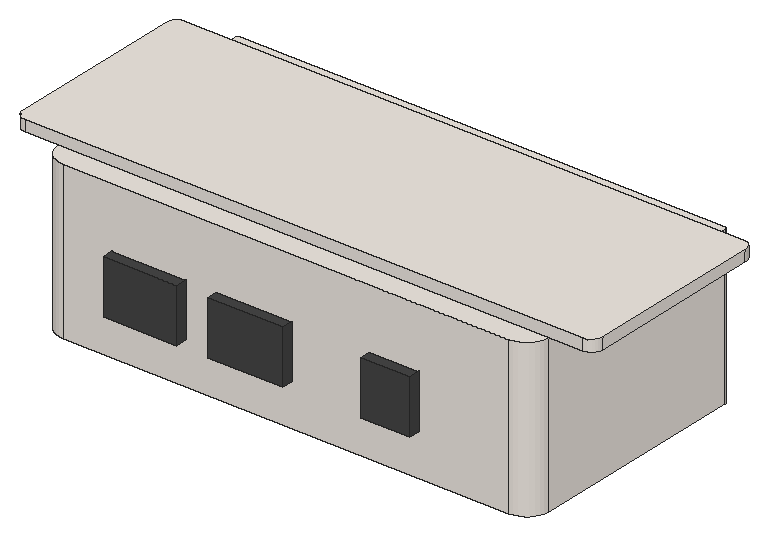
Revit family "Haworth_Riverbend_PowerModule", category Furniture, Revit 2018
Family settings
  OmniClass Number = 23.40.70.14.64.21
  OmniClass Title = Systems Furniture
  Work Plane-Based = No
  Always vertical = Yes
  Cut with Voids When Loaded = No
  Shared = No
  Room Calculation Point = No
Parameters (values of type "Power Module")
  Warranty = "http://www.haworth.com/resources/product-info/warranties"
  URL - Product = "http://www.haworth.com/products/seating/sofas/riverbend-pebble"
  URL = "http://www.haworth.com/"
  Size = "Verify Final Dim. w/ Haworth"  # constant formula
  Revision Number = "1"  # constant formula
  Model = "EUSM"  # constant formula
  Manufacturer = "Haworth"  # constant formula
  Hardware Finish = Haworth _ Paint _ Plaster
  Front Finish = Haworth _ Plastic _ Black
  Description = "Haworth Riverbend - Power Module"  # constant formula
  Author = "Haworth (Bentzen)"  # constant formula
  Assembly Code = "E2020200"
  Actual Width = 6 1/2"  # constant formula
  Actual Height = 1 7/8"  # constant formula
  Actual Depth = 2 3/4"  # constant formula
Reference planes (in)
  plane 1 "Back": y = 0
  plane 2: z = 0
  plane 3 "Face 4": z = 7.125
  plane 4 "Face Front": y = -2.75
  plane 5 "Bracket - Back": y = -0.25
  plane 6 "Bracket - Front": y = -2.5
  plane 7 "Module - Left": x = 1.51187
  plane 8 "Module - Right": x = 7.01187
  plane 9 "Left": x = 1.01187
  plane 10 "Right": x = 7.51187
  plane 11: z = 7.25
  plane 12: z = 5.375
  plane 13: x = 4.26187
  plane 14: x = 2.30887
  plane 15: x = 3.13187
  plane 16: x = 3.47879
  plane 17: x = 4.32187
  plane 18: x = 5.20012
  plane 19: x = 5.74362
  plane 20: z = 6.44875
  plane 21: z = 5.84525
  plane 22: y = -2.875
  plane 23: y = -1.4375
  plane 24: z = 7.25
Forms (in)
  Extrusion 1, solid, material "Haworth _ Paint _ Plaster" <- "Hardware Finish"
    sketch origin (0, 0, 0) x (1, 0, 0) y (0, 1, 0)
      loop
        arc (1.13687, -0.25) -> (1.04848, -0.28661) -> (1.01187, -0.375) r 0.125
        line (1.01187, -0.375) -> (1.01187, -2.375)
        arc (1.01187, -2.375) -> (1.04848, -2.46339) -> (1.13687, -2.5) r 0.125
        line (1.13687, -2.5) -> (7.38687, -2.5)
        arc (7.38687, -2.5) -> (7.47526, -2.46339) -> (7.51187, -2.375) r 0.125
        line (7.51187, -2.375) -> (7.51187, -0.375)
        arc (7.51187, -0.375) -> (7.47526, -0.28661) -> (7.38687, -0.25) r 0.125
        line (7.38687, -0.25) -> (1.13687, -0.25)
    from 7.125 to 7.25
  Extrusion 2, solid, material "Haworth _ Paint _ Plaster" <- "Hardware Finish"
    sketch origin (0, 0, 0) x (1, 0, 0) y (0, 1, 0)
      loop
        arc (1.54312, 0) -> (1.52102, -0.00915) -> (1.51187, -0.03125) r 0.03125
        line (1.51187, -0.03125) -> (1.51187, -2.5)
        arc (1.51187, -2.5) -> (1.58509, -2.67678) -> (1.76187, -2.75) r 0.25
        line (1.76187, -2.75) -> (6.76187, -2.75)
        arc (6.76187, -2.75) -> (6.93865, -2.67678) -> (7.01187, -2.5) r 0.25
        line (7.01187, -2.5) -> (7.01187, -0.03125)
        arc (7.01187, -0.03125) -> (7.00272, -0.00915) -> (6.98062, 0) r 0.03125
        line (6.98062, 0) -> (1.54312, 0)
    from 5.375 to 7.125
  Extrusion 3, solid, material "Haworth _ Plastic _ Black" <- "Front Finish"
    sketch origin (0, 0, -24.80237) x (1, 0, 0) y (0, 0, 1)
      loop
        line (2.30887, 31.25112) -> (2.30887, 30.64762) -> (3.13187, 30.64762) -> (3.13187, 31.25112) -> (2.30887, 31.25112)
    from 2.75 to 2.875
  Extrusion 4, solid, material "Haworth _ Plastic _ Black" <- "Front Finish"
    sketch origin (0, 0, -24.80237) x (1, 0, 0) y (0, 0, 1)
      loop
        line (3.47879, 31.25112) -> (3.47879, 30.64762) -> (4.32187, 30.64762) -> (4.32187, 31.25112) -> (3.47879, 31.25112)
    from 2.75 to 2.875
  Extrusion 5, solid, material "Haworth _ Plastic _ Black" <- "Front Finish"
    sketch origin (0, 0, -24.80237) x (1, 0, 0) y (0, 0, 1)
      loop
        line (5.20012, 31.25112) -> (5.20012, 30.64762) -> (5.74362, 30.64762) -> (5.74362, 31.25112) -> (5.20012, 31.25112)
    from 2.75 to 2.875
Lines and regions (in)
  Masking region 1
    outline origin (0, 0, 0) x (1, 0, 0) y (0, 1, 0)
      loop
        arc (1.13687, -0.25) -> (1.04848, -0.28661) -> (1.01187, -0.375) r 0.125
        line (1.01187, -0.375) -> (1.01187, -2.375)
        arc (1.01187, -2.375) -> (1.04848, -2.46339) -> (1.13687, -2.5) r 0.125
        line (1.13687, -2.5) -> (1.51187, -2.5)
        arc (1.51187, -2.5) -> (1.58509, -2.67678) -> (1.76187, -2.75) r 0.25
        line (1.76187, -2.75) -> (6.76187, -2.75)
        arc (6.76187, -2.75) -> (6.93865, -2.67678) -> (7.01187, -2.5) r 0.25
        line (7.01187, -2.5) -> (7.38687, -2.5)
        arc (7.38687, -2.5) -> (7.47526, -2.46339) -> (7.51187, -2.375) r 0.125
        line (7.51187, -2.375) -> (7.51187, -0.375)
        arc (7.51187, -0.375) -> (7.47526, -0.28661) -> (7.38687, -0.25) r 0.125
        line (7.38687, -0.25) -> (7.01187, -0.25) -> (7.01187, -0.03125)
        arc (7.01187, -0.03125) -> (7.00272, -0.00915) -> (6.98062, 0) r 0.03125
        line (6.98062, 0) -> (1.54312, 0)
        arc (1.54312, 0) -> (1.52102, -0.00915) -> (1.51187, -0.03125) r 0.03125
        line (1.51187, -0.03125) -> (1.51187, -0.25) -> (1.13687, -0.25)
  symbolic lines, detail levels fine
    curve 1: line (1.51187, -0.25, 0) -> (7.01187, -0.25, 0)
    curve 2: line (7.01187, -0.25, 0) -> (7.01187, -2.5, 0)
    curve 3: line (7.01187, -2.5, 0) -> (1.51187, -2.5, 0)
    curve 4: line (1.51187, -2.5, 0) -> (1.51187, -0.25, 0)
Dimensions and locks (in)
  "Actual Depth": plane 4 "Face Front" to plane 1 "Back"
  locked: plane 5 "Bracket - Back" to plane 6 "Bracket - Front" at 2.25
  "Actual Width": plane 9 "Left" to plane 10 "Right"
  locked: plane 7 "Module - Left" to plane 8 "Module - Right" at 5.5
  plane 11 to plane 3 "Face 4" = 1/8"
  equal spacing: plane 10 "Right", plane 13, plane 9 "Left"
  plane 4 "Face Front" to plane 22 = 1/8"
  equal spacing: plane 22, plane 23, plane 1 "Back"
  "Actual Height": plane 11 to plane 12
  plane 24 to plane 2 = 7 1/4"
  aligned and locked: plane 4 "Face Front" to Extrusion 4
Automatic sketch dimensions
  Extrusion 3 sketch curve to plane 14 = 0"
  Extrusion 3 sketch curve to plane 15 = 0"
  plane 21 to Extrusion 3 sketch curve = 0"
  plane 20 to Extrusion 3 sketch curve = 0"
  Extrusion 4 sketch curve to plane 16 = 0"
  Extrusion 4 sketch curve to plane 17 = 0"
  plane 21 to Extrusion 4 sketch curve = 0"
  plane 20 to Extrusion 4 sketch curve = 0"
  Extrusion 5 sketch curve to plane 18 = 0"
  Extrusion 5 sketch curve to plane 19 = 0"
  plane 21 to Extrusion 5 sketch curve = 0"
  plane 20 to Extrusion 5 sketch curve = 0"
  Masking region 1 sketch curve to plane 5 "Bracket - Back" = 0"  (x2)
  Masking region 1 sketch curve to plane 7 "Module - Left" = 0"  (x2)
  Masking region 1 sketch curve to plane 6 "Bracket - Front" = 0"  (x2)
  plane 1 "Back" to Masking region 1 sketch curve = 0"
  Masking region 1 sketch curve to plane 4 "Face Front" = 0"
  Masking region 1 sketch curve to plane 8 "Module - Right" = 0"  (x2)
  Masking region 1 sketch curve to plane 10 "Right" = 0"
  plane 1 "Back" to Masking region 1 sketch curve = 1/32"  (x2)
  Masking region 1 sketch curve to plane 10 "Right" = 1/8"
  Masking region 1 sketch curve to plane 5 "Bracket - Back" = 1/8"
  plane 9 "Left" to Masking region 1 sketch curve = 1/8"  (x2)
  Masking region 1 sketch curve to plane 9 "Left" = 0"
  curve 4 to plane 7 "Module - Left" = 0"
  curve 3 to plane 6 "Bracket - Front" = 0"
  curve 1 to plane 5 "Bracket - Back" = 0"
  curve 3 to plane 8 "Module - Right" = 0"
  Extrusion 1 sketch curve to Extrusion 1 sketch curve = 1/8"  (x3)
  Extrusion 1 sketch curve to Extrusion 1 sketch curve = 2"
  Extrusion 2 sketch curve to Extrusion 2 sketch curve = 1/32"
  Extrusion 2 sketch curve to Extrusion 2 sketch curve = 2 15/32"
  Extrusion 1 sketch curve to Extrusion 1 sketch curve = 6 1/4"
  Extrusion 1 sketch curve to Extrusion 1 sketch curve = 0"
  Extrusion 2 sketch curve to Extrusion 2 sketch curve = 1/4"  (x2)
  Extrusion 2 sketch curve to Extrusion 2 sketch curve = 5"
  Extrusion 2 sketch curve to Extrusion 2 sketch curve = 7/32"
  Extrusion 1 sketch curve to plane 9 "Left" = 0"
  Extrusion 2 sketch curve to plane 7 "Module - Left" = 0"
  Extrusion 1 sketch curve to plane 6 "Bracket - Front" = 0"
  Extrusion 2 sketch curve to plane 4 "Face Front" = 0"
